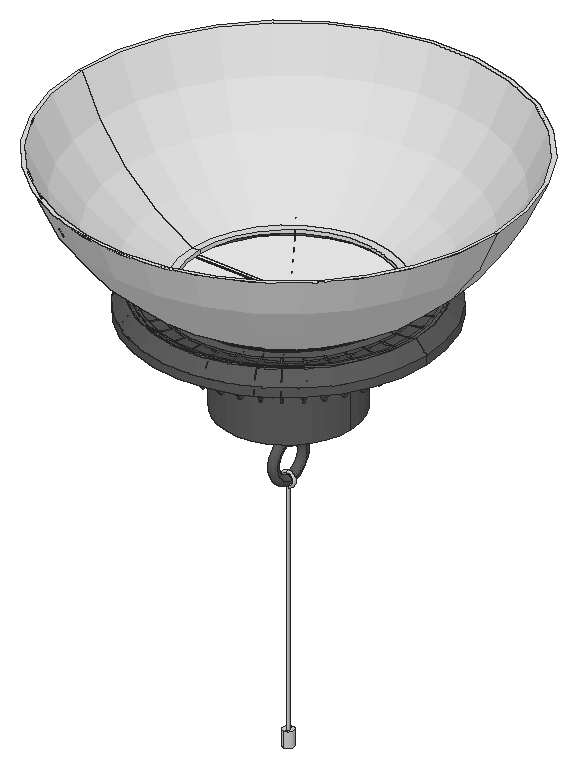
Revit family "0039362+0039356 Sylvania Lighting Fixture START HighBay IP65 DALI 13000lm 840 MB with ALU SHADE ALU COLOR FOR 13 19KLM pendant", category Lighting Fixtures, host Face, Revit 2017
Family settings
  Host = Face
  Round Connector Dimension = Use Diameter
  Part Type = Normal
  OmniClass Number = 23.80.70.00
  OmniClass Title = Lighting
  Cut with Voids When Loaded = No
  Light Source = Yes
  Shared = No
  Room Calculation Point = No
Parameters (values of type "0039362+0039356 START HighBay IP65 DALI 13000lm 840 MB with ALU SHADE ALU COLOR FOR 13/19KLM")
  WidthStraight_FEILO = if(SizeS_FEILO, 3 mm, if(SizeM_FEILO, 4 mm, 4.7 mm))  # 3 mm
  WidthRingChamfer_FEILO = if(SizeS_FEILO, 10.3 mm, if(SizeM_FEILO, 11.2 mm, 12.9 mm))  # 10.3 mm
  WidthCurved_FEILO = if(SizeS_FEILO, 17.4 mm, if(SizeM_FEILO, 16.4 mm, 26.2 mm))  # 17.4 mm
  WidthCurvedRing_FEILO = if(SizeS_FEILO, 3 mm, if(SizeM_FEILO, 4 mm, 4.7 mm))  # 3 mm
  WidthBracket_FEILO = 40 mm
  Weight = "3.0 kg"
  Wattage Comments = ""
  Wattage = 90 W
  WarrantyStartDate [instance] = "n/a"
  WarrantyGuarantorParts = "n/a"
  WarrantyDurationUnit = "n/a"
  WarrantyDurationParts = "n/a"
  WarrantyDescription = "n/a"
  built-in parameter 1150110 = 1 (stored number, unit not read)
  Voltage = 0 V
  VisibilityBracket_FEILO = no
  URL = "http://www.sylvania-lighting.com"
  TypeName = "START HighBay IP65 DALI 13000lm 840 MB with ALU SHADE ALU COLOR FOR 13/19KLM"
  Type Image = <None>
  Type Comments = "n/a"
  built-in parameter 1114217 = 1 (stored number, unit not read)
  Tilt Angle = -90.00°
  ThicknessWall_FEILO = 1.5 mm
  ThicknessBracket_FEILO = 1.5 mm
  ThicknessBracketHalf_FEILO = ThicknessBracket_FEILO / 2  # 0.75 mm
  built-in parameter 1150109 = 1 (stored number, unit not read)
  built-in parameter 1150134 = 12
  SuspensionHeight_FEILO [instance] = 400 mm
  built-in parameter 1150113 = 1 (stored number, unit not read)
  SizeS_FEILO = yes
  SizeM_FEILO = no
  ShadeThickness_FEILO = 3 mm
  ShadeSizeSM_FEILO = or(SizeS_FEILO, SizeM_FEILO)  # yes
  ShadeRadiusOut_FEILO = 205 mm
  ShadeRadiusIn_FEILO = if(ShadeSizeSM_FEILO, 95 mm, 121 mm)  # 95 mm
  ShadeRadiusBend_FEILO = if(ShadeSizeSM_FEILO, 210 mm, 210 mm)  # 210 mm
  ShadeHeight_FEILO = if(ShadeSizeSM_FEILO, 120 mm, 151 mm)  # 120 mm
  SerialNumber [instance] = "n/a"
  Rib4_FEILO = if(SizeS_FEILO, 18.1 mm, if(SizeM_FEILO, 13.6 mm, 14.6 mm))  # 18.1 mm
  Rib3_FEILO = if(SizeS_FEILO, 15.3 mm, if(SizeM_FEILO, 17.6 mm, 20.2 mm))  # 15.3 mm
  Rib2_FEILO = if(SizeS_FEILO, 3.6 mm, if(SizeM_FEILO, 3.9 mm, 4.5 mm))  # 3.6 mm
  Rib1_FEILO = if(SizeS_FEILO, 15.1 mm, if(SizeM_FEILO, 16.5 mm, 19 mm))  # 15.1 mm
  RadiusDiffuser_FEILO = if(SizeS_FEILO, 95.2 mm, if(SizeM_FEILO, 105.3 mm, 120 mm))  # 95.2 mm
  RadiusArrayPost_FEILO = DriverRadius_FEILO - 6 mm  # 55.4 mm
  RHRadius3_FEILO = if(SizeS_FEILO, 6.6 mm, if(SizeM_FEILO, 7.4 mm, 8.6 mm))  # 6.6 mm
  RHRadius2_FEILO = if(SizeS_FEILO, 11 mm, if(SizeM_FEILO, 12 mm, 14 mm))  # 11 mm
  RHRadius1_FEILO = if(SizeS_FEILO, 13.6 mm, if(SizeM_FEILO, 14.9 mm, 17.7 mm))  # 13.6 mm
  RHHeight4_FEILO = if(SizeS_FEILO, 7.3 mm, if(SizeM_FEILO, 8 mm, 9.2 mm))  # 7.3 mm
  RHHeight3_FEILO = if(SizeS_FEILO, 3.6 mm, if(SizeM_FEILO, 3.7 mm, 4.6 mm))  # 3.6 mm
  RHHeight2_FEILO = if(SizeS_FEILO, 2 mm, if(SizeM_FEILO, 2.2 mm, 2.6 mm))  # 2 mm
  RHHeight1_FEILO = if(SizeS_FEILO, 11.8 mm, if(SizeM_FEILO, 15.3 mm, 17.4 mm))  # 11.8 mm
  Photometric Web File = "0039362+0039356.ies"
  Material_5_FEILO = Shade-Sylvania-StartHighbay-Alu
  Material_3_FEILO = LED-Sylvania-StartHighbay-Glow
  PowerFactor = 0.95
  PowerConsumption = "90 W"
  NominalLength = 270 mm
  NominalHeight = 175 mm
  NominalDepth = 270 mm
  Name = "START HighBay IP65 DALI 13000lm 840 MB with ALU SHADE ALU COLOR FOR 13/19KLM"
  ModelReference = Name  # "START HighBay IP65 DALI 13000lm 840 MB with ALU SHADE ALU COLOR FOR 13/19KLM"
  ModelNumber = "0039362+0039356"
  Model = Name  # "START HighBay IP65 DALI 13000lm 840 MB with ALU SHADE ALU COLOR FOR 13/19KLM"
  Material = "aluminium alloy housing, polycarbonate diffuser"
  ManufacturerName = "Feilo Sylvania"
  Manufacturer = "Feilo Sylvania"
  LuminousEfficacy = "130 lm/W"
  built-in parameter 1150105 = 15901.2 (stored number, unit not read)
  Lumens = 11700 lm
  LuminaireType = ""
  built-in parameter 1150115 = 1 (stored number, unit not read)
  LightOutputRatio = "n/a"
  built-in parameter 1150137 = (empty or 0)
  built-in parameter 1150139 = (empty or 0)
  LampsType = Lamp  # "LED"
  LampNominalLuminous = "11700 lm"
  LampMacAdamStep = "6"
  LampColourTemperature = "4000 K"
  LampColourRenderingIndex = "80"
  built-in parameter 1150112 = 1 (stored number, unit not read)
  built-in parameter 1150114 = 1 (stored number, unit not read)
  Lamp = "LED"
  Keynote = "16500"
  InstallationDate [instance] = "n/a"
  InputVoltage = "n/a"
  InputNominalFrequency = "50/60 Hz"
  built-in parameter 1150132 = (empty or 0)
  built-in parameter 1150102 = (empty or 0)
  built-in parameter 1150107 = 4000 (stored number, unit not read)
  built-in parameter 1150138 = (empty or 0)
  IngressProtection = "IP65"
  ImpactProtectionIndex = "IK08"
  built-in parameter 1150106 = 159.01 (stored number, unit not read)
  IfcExportType = "IfcLightFixtureType"
  IfcExportAs = "IfcLightFixtureType"
  HeightRing_FEILO = if(SizeS_FEILO, 19.8 mm, if(SizeM_FEILO, 32 mm, 36.8 mm))  # 19.8 mm
  HeightRingChamfer_FEILO = if(SizeS_FEILO, 11.7 mm, if(SizeM_FEILO, 23.2 mm, 26.6 mm))  # 11.7 mm
  EyeThickness_FEILO = if(SizeS_FEILO, 8.4 mm, if(SizeM_FEILO, 9.2 mm, 10.5 mm))  # 8.4 mm
  EyeThicknessHalf_FEILO = EyeThickness_FEILO / 2  # 4.2 mm
  EyeInner_FEILO = if(SizeS_FEILO, 13.8 mm, if(SizeM_FEILO, 15.1 mm, 17.3 mm))  # 13.8 mm
  ExpectedLife = 50000
  Emit from Circle Diameter = RadiusDiffuser_FEILO * 2  # 190.4 mm
  Emit Shape Visible in Rendering = no
  ElectricShockClassification = "Class I"
  built-in parameter 1150104 = 12.077 (stored number, unit not read)
  DurationUnit = "hours"
  DriverVerticalStraight_FEILO = if(SizeS_FEILO, 46.5 mm, if(SizeM_FEILO, 49.7 mm, 57 mm))  # 46.5 mm
  DriverVerticalChamfer_FEILO = if(SizeS_FEILO, 7.5 mm, if(SizeM_FEILO, 8.2 mm, 9.5 mm))  # 7.5 mm
  DriverRadius_FEILO = if(SizeS_FEILO, 61.4 mm, if(SizeM_FEILO, 67.2 mm, 76.4 mm))  # 61.4 mm
  DriverRadiusTop_FEILO = if(SizeS_FEILO, 42 mm, if(SizeM_FEILO, 45.3 mm, 52.4 mm))  # 42 mm
  DriverBottom_FEILO = if(SizeS_FEILO, 56 mm, if(SizeM_FEILO, 64.5 mm, 74 mm))  # 56 mm
  DocumentationLiterature = "http://www.sylvania-lighting.com/product/en-int/products/0039362"
  DimmingControlOptions = "Dimmable"
  Material_2_FEILO = Diffuser-Sylvania-StartHighbay-Transparent
  Radius_FEILO = if(SizeS_FEILO, 135 mm, if(SizeM_FEILO, 148 mm, 169.5 mm))  # 135 mm
  Dimming Lamp Color Temperature Shift = <None>
  DiameterWire_FEILO = 3 mm
  DiameterWireSupport_FEILO = 10 mm
  Description = "START Highbay, includes 1 m cables, black aluminium housing, 11,700 Lm, 90 W, 130 Lm/W, 4000 K, drive current: 2000 mA, CRI 80, 60° beam angle, DALI dimmable, IP65, IK08, 50,000 hrs (L80/B50), (D x H) 270 x 175 mm."
  Default Elevation = 1219.2 mm
  CreatedOn = "5/15/2018"
  CreatedBy = ""
  Cost = 0
  Color Filter = 16777215
  built-in parameter 1114216 [instance] = (empty or 0)
  ClassificationValue = "EF_70_80"
  ClassificationName = "Uniclass2015"
  Material_1_FEILO = Body-Sylvania-StartHighbay-Black
  BarCode [instance] = "n/a"
  built-in parameter 1114218 = 1 (stored number, unit not read)
  built-in parameter 1150133 = 10 (stored number, unit not read)
  AssetType = "Fixed"
  AssetIdentifier [instance] = "n/a"
  Assembly Code = "D5020200"
  Apparent Load = 90 VA
  Material_4_FEILO = Shade-Sylvania-StartHighbay-Alu
Reference planes
  plane 1 "Center (Front/Back)": y = 0
  plane 2: z = 0
  plane 3 "Center (Left/Right)": x = 0
  plane 4: z = 400
  plane 5: x = -135
  plane 6: x = -124.7
  plane 7: z = 388.3
  plane 8: z = 380.2
  plane 9: x = -121.7
  plane 10: z = 397.375
  plane 11: x = -104.3
  plane 12: x = -95.2
  plane 13: x = -118.7
  plane 14: z = 398.375
  plane 15: z = 396.375
  plane 16: x = -92.2
  plane 17: z = 395.375
  plane 18: x = -133.5
  plane 19: x = -119.9
  plane 20: z = 376.6
  plane 21: x = -104.6
  plane 22: z = 358.5
  plane 23: x = -20
  plane 24: z = 344
  plane 25: x = -61.4
  plane 26: z = 297.5
  plane 27: x = -42
  plane 28: z = 290
  plane 29: x = -13.6
  plane 30: z = 278.2
  plane 31: z = 276.2
  plane 32: x = -11
  plane 33: z = 272.6
  plane 34: z = 265.3
  plane 35: x = -6.6
  plane 36: z = 251.5
  plane 37: z = 237.7
  plane 38: x = 4.2
  plane 39: x = -4.2
  plane 40: z = 229.3
  plane 41: z = 233.5
  plane 42: x = -129.1
  plane 43: x = -132.5
  plane 44: z = 378.7
  plane 45: x = -123.2
  plane 46: z = 320.75
  plane 47: y = -20
  plane 48: y = 20
  plane 49: x = 135
  plane 50: x = 124.7
  plane 51: x = 133.5
  plane 52: x = 129.1
  plane 53: x = 132.5
  plane 54: x = 123.2
  plane 55: z = 240.7
  plane 56: y = 1.5
  plane 57: y = -1.5
  plane 58: z = 239.2
  plane 59: z = 227.8
  plane 60: z = 226.3
  plane 61: y = -5
  plane 62: y = 5
  plane 63: z = 14
  plane 64: x = -205
  plane 65: z = 520
  plane 66: x = -95
  plane 67: x = -87
  plane 68: x = -202
  plane 69: z = 403
Forms (mm)
  Revolve 1, solid, material "Body-Sylvania-StartHighbay-Black" <- "Material_1_FEILO", detail levels medium+fine
    sketch origin (0, 0, 0) x (1, 0, 0) y (0, 0, 1)
      loop
        line (-135, 380.2) -> (-133.5, 380.2) -> (-133.5, 387.734) -> (-125.012, 397.375) -> (-118.7, 397.375) -> (-118.7, 399.16)
        arc (-118.7, 399.16) -> (-120.206, 399.56) -> (-121.7, 400) r 58.981
        line (-121.7, 400) -> (-124.241, 400)
        arc (-124.241, 400) -> (-124.657, 399.911) -> (-124.999, 399.66) r 1.015
        line (-124.999, 399.66) -> (-135, 388.3) -> (-135, 380.2)
      axis (0, 400) -> (0, 380.2)
    angle from 360 to 0
  Revolve 2, solid, material "Body-Sylvania-StartHighbay-Black" <- "Material_1_FEILO", detail levels medium+fine
    sketch origin (0, 0, 0) x (1, 0, 0) y (0, 0, 1)
      loop
        line (-104.3, 395.375) -> (-95.2, 395.375) -> (-95.2, 388.3) -> (0, 388.3) -> (0, 395.375) -> (-92.2, 395.375) -> (-92.2, 396.375) -> (-95.2, 396.375) -> (-95.2, 397.375) -> (-104.3, 397.375) -> (-104.3, 395.375)
      axis (0, 397.375) -> (0, 388.3)
    angle from 360 to 0
  Revolve 3, solid, material "Diffuser-Sylvania-StartHighbay-Transparent" <- "Material_2_FEILO", detail levels medium+fine
    sketch origin (0, 0, 0) x (1, 0, 0) y (0, 0, 1)
      loop
        line (-95.2, 396.375) -> (0, 396.375) -> (0, 398.375) -> (-95.2, 398.375) -> (-95.2, 396.375)
      axis (0, 398.375) -> (0, 396.375)
    angle from 360 to 0
  Revolve 4, solid, material "Body-Sylvania-StartHighbay-Black" <- "Material_1_FEILO"
    sketch origin (0, 0, 0) x (1, 0, 0) y (0, 0, 1)
      loop
        line (-61.4, 358.5) -> (-61.4, 297.5) -> (-42, 290) -> (-13.6, 290) -> (-13.6, 278.2) -> (-11, 276.2) -> (-11, 272.6) -> (-7.037, 266.026)
        arc (-7.037, 266.026) -> (-6.49, 265.494) -> (-5.753, 265.3) r 1.5
        line (-5.753, 265.3) -> (0, 265.3) -> (0, 358.5) -> (-61.4, 358.5)
      axis (0, 358.5) -> (0, 265.3)
    angle from 360 to 0
  Revolve 5, solid, material "Body-Sylvania-StartHighbay-Black" <- "Material_1_FEILO"
    sketch origin (0, 0, 0) x (1, 0, 0) y (0, 0, 1)
      loop
        circle (0, 233.5) r 4.2
      axis (4.2, 251.5) -> (-4.2, 251.5)
    angle from 360 to 0
  Extrusion 6, solid, material "Body-Sylvania-StartHighbay-Black" <- "Material_1_FEILO", visible <- "VisibilityBracket_FEILO"
    sketch origin (0, 0, 0) x (1, 0, 0) y (0, 0, 1)
      loop
        line (-132.5, 380.2) -> (-132.5, 378.7) -> (-125.45, 378.7)
        arc (-125.45, 378.7) -> (-124.92, 378.48) -> (-124.7, 377.95) r 0.75
        line (-124.7, 377.95) -> (-124.7, 320.75) -> (-123.2, 320.75) -> (-123.2, 378.7)
        arc (-123.2, 378.7) -> (-123.639, 379.761) -> (-124.7, 380.2) r 1.5
        line (-124.7, 380.2) -> (-132.5, 380.2)
      loop
        line (132.5, 380.2) -> (124.7, 380.2)
        arc (124.7, 380.2) -> (123.639, 379.761) -> (123.2, 378.7) r 1.5
        line (123.2, 378.7) -> (123.2, 320.75) -> (124.7, 320.75) -> (124.7, 377.95)
        arc (124.7, 377.95) -> (124.92, 378.48) -> (125.45, 378.7) r 0.75
        line (125.45, 378.7) -> (132.5, 378.7) -> (132.5, 380.2)
    from -20 to 20
  Extrusion 7, void
    sketch origin (0, 0, 0) x (0, 1, 0) y (0, 0, 1)
      loop
        arc (-10, 320.75) -> (-17.071, 323.679) -> (-20, 330.75) r 10
        line (-20, 330.75) -> (-25, 330.75) -> (-25, 315.75) -> (-10, 315.75) -> (-10, 320.75)
      loop
        line (10, 320.75) -> (10, 315.75) -> (25, 315.75) -> (25, 330.75) -> (20, 330.75)
        arc (20, 330.75) -> (17.071, 323.679) -> (10, 320.75) r 10
    from -124.7 to 124.7
  Revolve 8, solid, material "Body-Sylvania-StartHighbay-Black" <- "Material_1_FEILO", detail levels coarse
    sketch origin (0, 0, 0) x (1, 0, 0) y (0, 0, 1)
      loop
        line (0, 400) -> (-124.7, 400) -> (-135, 388.3) -> (-135, 380.2) -> (-119.9, 380.2) -> (-119.9, 376.6) -> (-104.6, 358.5) -> (0, 358.5) -> (0, 400)
      axis (0, 400) -> (0, 358.5)
    angle from 360 to 0
  Revolve 9, solid
    sketch origin (0, 0, 0) x (0, 1, 0) y (0, 0, 1)
      loop
        circle (0, 239.2) r 1.5
      axis (1.5, 233.5) -> (-1.5, 233.5)
    angle from 360 to 0
  Revolve 10, solid
    sketch origin (0, 0, 0) x (0, 1, 0) y (0, 0, 1)
      loop
        line (0, 0) -> (0, 227.8) -> (-1.5, 227.8) -> (-1.5, 14) -> (-5, 14) -> (-5, 0) -> (0, 0)
      axis (0, 0) -> (0, 227.8)
    angle from 360 to 0
  Revolve 11, solid, material "Shade-Sylvania-StartHighbay-Alu" <- "Material_4_FEILO"
    sketch origin (0, 0, 0) x (1, 0, 0) y (0, 0, 1)
      loop
        line (-95, 400) -> (-87, 400) -> (-87, 403) -> (-94.341, 403)
        arc (-94.341, 403) -> (-159.747, 450.78) -> (-201.81, 520) r 207
        line (-201.81, 520) -> (-205, 520)
        arc (-205, 520) -> (-162.101, 448.908) -> (-95, 400) r 210
      axis (0, 520) -> (0, 400)
    angle from 360 to 0
Cuts and joins
  Extrusion 7 cuts Extrusion 6
Lines and regions (mm)
  reference lines
    curve 1: line (-135, 0, 388.3) -> (-124.7, 0, 400)
    curve 2: line (-104.3, 0, 397.375) -> (0, 0, 397.375)
    curve 3: arc (-104.3, 0, 397.375) -> (-113.098, 0, 398.035) -> (-121.7, 0, 400) r 58.981
    curve 4: line (-124.7, 0, 400) -> (-121.7, 0, 400)
    curve 5: line (-125.012, 0, 397.375) -> (-133.5, 0, 387.734)
    curve 6: line (-119.9, 0, 376.6) -> (-104.6, 0, 358.5)
    curve 7: line (-11, 0, 272.6) -> (-6.6, 0, 265.3)
    curve 8: circle (0, 0, 233.5) r 4.2 normal (0, -1, 0)
    curve 9: arc (-95, 0, 400) -> (-162.101, 0, 448.908) -> (-205, 0, 520) r 210
Dimensions and locks
  "Radius_FEILO": plane 3 "Center (Left/Right)" to plane 5
  "WidthRingChamfer_FEILO": plane 6 to plane 5
  "WidthStraight_FEILO": plane 9 to plane 6
  "WidthCurvedRing_FEILO": plane 13 to plane 9
  locked: plane 10 to plane 15 at 1
  locked: plane 14 to plane 10 at 1
  locked: plane 4 to plane 10 at 2.625
  locked: plane 15 to plane 17 at 1
  "ThicknessWall_FEILO": plane 18 to plane 5
  "ThicknessWall_FEILO": curve 5 to curve 1
  "HeightRingChamfer_FEILO": plane 4 to plane 7
  "HeightRing_FEILO": plane 4 to plane 8
  "RadiusDiffuser_FEILO": plane 3 "Center (Left/Right)" to plane 12
  locked: plane 16 to plane 12 at 3
  "WidthCurved_FEILO": plane 11 to plane 9
  "SuspensionHeight_FEILO": plane 4 to plane 2
  "Rib1_FEILO": plane 19 to plane 5
  "Rib2_FEILO": plane 8 to plane 20
  "Rib3_FEILO": plane 21 to plane 19
  "Rib4_FEILO": plane 20 to plane 22
  locked: plane 3 "Center (Left/Right)" to plane 23 at 20
  "DriverBottom_FEILO": plane 4 to plane 24
  "DriverRadius_FEILO": plane 3 "Center (Left/Right)" to plane 25
  "DriverVerticalStraight_FEILO": plane 24 to plane 26
  "DriverRadiusTop_FEILO": plane 3 "Center (Left/Right)" to plane 27
  "DriverVerticalChamfer_FEILO": plane 26 to plane 28
  "RHRadius1_FEILO": plane 3 "Center (Left/Right)" to plane 29
  "RHHeight2_FEILO": plane 30 to plane 31
  "RHRadius2_FEILO": plane 3 "Center (Left/Right)" to plane 32
  "RHHeight3_FEILO": plane 31 to plane 33
  "RHHeight4_FEILO": plane 33 to plane 34
  "RHRadius3_FEILO": plane 3 "Center (Left/Right)" to plane 35
  "RHHeight1_FEILO": plane 28 to plane 30
  "EyeInner_FEILO": plane 34 to plane 36
  "EyeInner_FEILO": plane 36 to plane 37
  equal spacing: plane 38, plane 3 "Center (Left/Right)", plane 39
  "EyeThickness_FEILO": plane 38 to plane 39
  "EyeThickness_FEILO": plane 37 to plane 40
  equal spacing: plane 37, plane 41, plane 40
  equal spacing: plane 6, plane 42, plane 18
  "ThicknessBracket_FEILO": plane 45 to plane 6
  "ThicknessBracket_FEILO": plane 8 to plane 44
  locked: plane 43 to plane 18 at 1
  equal spacing: plane 24, plane 46, plane 26
  equal spacing: plane 47, plane 1 "Center (Front/Back)", plane 48
  "WidthBracket_FEILO": plane 47 to plane 48
  "WidthRingChamfer_FEILO": plane 50 to plane 49
  "ThicknessWall_FEILO": plane 51 to plane 49
  equal spacing: plane 50, plane 52, plane 51
  "ThicknessBracket_FEILO": plane 54 to plane 50
  locked: plane 53 to plane 51 at 1
  "Radius_FEILO": plane 49 to plane 3 "Center (Left/Right)"
  equal spacing: plane 57, imposter light, plane 56
  "DiameterWire_FEILO": plane 57 to plane 56
  "DiameterWire_FEILO": plane 37 to plane 55
  equal spacing: plane 37, plane 58, plane 55
  "DiameterWire_FEILO": plane 60 to plane 40
  equal spacing: plane 60, plane 59, plane 40
  equal spacing: plane 61, plane 1 "Center (Front/Back)", plane 62
  "DiameterWireSupport_FEILO": plane 61 to plane 62
  locked: plane 63 to plane 2 at 14
  "ShadeRadiusOut_FEILO": plane 3 "Center (Left/Right)" to plane 64
  "ShadeHeight_FEILO": plane 65 to plane 4
  "ShadeRadiusIn_FEILO": plane 3 "Center (Left/Right)" to plane 66
  locked: plane 67 to plane 66 at 8
  "ShadeThickness_FEILO": plane 69 to plane 4
  "ShadeThickness_FEILO": plane 68 to plane 64
  "EyeThicknessHalf_FEILO": radius of curve 8
  "ThicknessBracket_FEILO": radius of Extrusion 6 sketch curve  (x2)
  "ThicknessBracketHalf_FEILO": radius of Extrusion 6 sketch curve  (x2)
  "DiameterWire_FEILO": diameter of Revolve 9 sketch curve
  "ShadeRadiusBend_FEILO": radius of curve 9
  aligned and locked: plane 2 to host face
  aligned and locked: level to host face
  aligned and locked: plane 5 to curve 1
  aligned and locked: plane 6 to curve 1
  aligned and locked: plane 7 to curve 1
  aligned and locked: plane 10 to curve 2
  aligned and locked: plane 9 to curve 3
  aligned and locked: plane 4 to curve 3
  aligned and locked: plane 11 to curve 3
  aligned and locked: plane 4 to curve 4
  aligned and locked: plane 18 to curve 5
  aligned and locked: plane 10 to curve 5
  aligned and locked: Revolve 1 sketch curve to plane 3 "Center (Left/Right)"
  aligned and locked: Revolve 1 sketch curve to curve 3
  aligned and locked: Revolve 1 sketch curve to curve 1
  aligned and locked: plane 4 to Revolve 1 sketch curve
  aligned and locked: plane 9 to Revolve 1 sketch curve
  aligned and locked: Revolve 1 sketch curve to plane 13
  aligned and locked: Revolve 1 sketch curve to plane 10
  aligned and locked: plane 13 to Revolve 1 sketch curve
  aligned and locked: plane 10 to Revolve 1 sketch curve
  aligned and locked: Revolve 1 sketch curve to plane 18
  aligned and locked: Revolve 1 sketch curve to plane 8
  aligned and locked: plane 5 to Revolve 1 sketch curve  (x2)
  aligned and locked: Revolve 2 sketch curve to plane 3 "Center (Left/Right)"
  aligned and locked: plane 11 to Revolve 2 sketch curve
  aligned and locked: Revolve 2 sketch curve to curve 2
  aligned and locked: plane 15 to Revolve 2 sketch curve
  aligned and locked: Revolve 2 sketch curve to plane 16
  aligned and locked: plane 17 to Revolve 2 sketch curve  (x2)
  aligned and locked: Revolve 2 sketch curve to plane 12
  aligned and locked: plane 7 to Revolve 2 sketch curve
  aligned and locked: Revolve 3 sketch curve to plane 3 "Center (Left/Right)"
  aligned and locked: Revolve 3 sketch curve to plane 14
  aligned and locked: plane 3 "Center (Left/Right)" to Revolve 3 sketch curve
  aligned and locked: Revolve 3 sketch curve to plane 12
  aligned and locked: plane 15 to Revolve 3 sketch curve
  aligned and locked: Revolve 1 sketch curve to curve 5
  aligned and locked: plane 22 to curve 6
  aligned and locked: plane 21 to curve 6
  aligned and locked: plane 20 to curve 6
  aligned and locked: plane 19 to curve 6
  aligned and locked: plane 33 to curve 7
  aligned and locked: plane 32 to curve 7
  aligned and locked: plane 35 to curve 7
  aligned and locked: plane 34 to curve 7
  aligned and locked: Revolve 4 sketch curve to plane 3 "Center (Left/Right)"
  aligned and locked: Revolve 4 sketch curve to plane 25
  aligned and locked: plane 27 to Revolve 4 sketch curve
  aligned and locked: plane 28 to Revolve 4 sketch curve
  aligned and locked: plane 30 to Revolve 4 sketch curve
  aligned and locked: Revolve 4 sketch curve to plane 29
  aligned and locked: plane 31 to Revolve 4 sketch curve
  aligned and locked: Revolve 4 sketch curve to curve 7
  aligned and locked: Revolve 4 sketch curve to plane 32
  aligned and locked: plane 34 to Revolve 4 sketch curve
  aligned and locked: plane 3 "Center (Left/Right)" to Revolve 4 sketch curve
  aligned and locked: plane 3 "Center (Left/Right)" to curve 8
  aligned and locked: plane 41 to curve 8
  aligned and locked: Revolve 5 sketch curve to plane 36
  aligned and locked: Revolve 5 sketch curve to curve 8
  aligned and locked: plane 43 to Extrusion 6 sketch curve  (x2)
  aligned and locked: plane 8 to Extrusion 6 sketch curve  (x3)
  aligned and locked: Extrusion 6 sketch curve to plane 45
  aligned and locked: Extrusion 6 sketch curve to plane 46  (x2)
  aligned and locked: plane 6 to Extrusion 6 sketch curve
  aligned and locked: Extrusion 6 sketch curve to plane 44  (x2)
  aligned and locked: Extrusion 6 to plane 48
  aligned and locked: plane 47 to Extrusion 6
  aligned and locked: plane 53 to Extrusion 6 sketch curve
  aligned and locked: plane 50 to Extrusion 6 sketch curve
  aligned and locked: Extrusion 6 sketch curve to plane 54
  aligned and locked: Extrusion 7 sketch curve to Extrusion 7 sketch curve
  aligned and locked: Extrusion 7 to plane 6
  aligned and locked: Extrusion 7 to Extrusion 6
  aligned and locked: Revolve 4 sketch curve to plane 22
  aligned and locked: plane 23 to nested 1
  aligned and locked: plane 1 "Center (Front/Back)" to nested 1
  aligned and locked: Revolve 8 sketch curve to plane 3 "Center (Left/Right)"
  aligned and locked: Revolve 8 sketch curve to plane 4
  aligned and locked: plane 6 to Revolve 8 sketch curve
  aligned and locked: plane 4 to Revolve 8 sketch curve
  aligned and locked: plane 7 to Revolve 8 sketch curve
  aligned and locked: Revolve 8 sketch curve to plane 5
  aligned and locked: plane 8 to Revolve 8 sketch curve  (x2)
  aligned and locked: Revolve 8 sketch curve to plane 19
  aligned and locked: plane 20 to Revolve 8 sketch curve
  aligned and locked: plane 19 to Revolve 8 sketch curve
  aligned and locked: plane 21 to Revolve 8 sketch curve
  aligned and locked: plane 22 to Revolve 8 sketch curve  (x2)
  aligned and locked: Revolve 8 sketch curve to Revolve 8 sketch curve
  aligned and locked: imposter light to plane 4
  aligned and locked: plane 3 "Center (Left/Right)" to imposter light
  aligned and locked: imposter light to plane 1 "Center (Front/Back)"
  aligned and locked: Revolve 9 sketch curve to plane 41
  aligned and locked: Revolve 10 sketch curve to plane 1 "Center (Front/Back)"
  aligned and locked: plane 1 "Center (Front/Back)" to Revolve 10 sketch curve  (x2)
  aligned and locked: host face to Revolve 10 sketch curve
  aligned and locked: plane 63 to Revolve 10 sketch curve
  aligned and locked: Revolve 10 sketch curve to plane 61
  aligned and locked: Revolve 10 sketch curve to plane 57
  aligned and locked: plane 59 to Revolve 10 sketch curve
  aligned and locked: plane 64 to curve 9
  aligned and locked: plane 65 to curve 9
  aligned and locked: plane 66 to curve 9
  aligned and locked: plane 4 to curve 9
  aligned and locked: Revolve 11 sketch curve to curve 9
  aligned and locked: plane 67 to Revolve 11 sketch curve
  aligned and locked: plane 66 to Revolve 11 sketch curve
  aligned and locked: plane 65 to Revolve 11 sketch curve  (x2)
  aligned and locked: Revolve 11 sketch curve to plane 67
  aligned and locked: plane 69 to Revolve 11 sketch curve
Automatic sketch dimensions
  host sketch curve to host sketch curve = 2438.4 mm  (x2)
  Revolve 1 sketch curve to plane 6 = 0.299 mm
  plane 6 to Revolve 1 sketch curve = 0.459 mm
  Revolve 1 sketch curve to level = 609.6 mm
  Revolve 1 sketch curve to Revolve 1 sketch curve = 2312.223 mm
  Revolve 2 sketch curve to plane 12 = 0 mm
  Revolve 2 sketch curve to plane 3 "Center (Left/Right)" = 0 mm
  Revolve 2 sketch curve to level = 609.6 mm
  Revolve 2 sketch curve to plane 4 = 2339.058 mm
  Revolve 3 sketch curve to level = 609.6 mm
  Revolve 3 sketch curve to plane 4 = 2339.058 mm
  Revolve 5 sketch curve to plane 5 = 1080 mm
  plane 38 to Revolve 5 sketch curve = 1219.2 mm
  Extrusion 7 sketch curve to plane 47 = 0 mm
  plane 46 to Extrusion 7 sketch curve = 0 mm  (x2)
  Extrusion 7 sketch curve to plane 48 = 0 mm
  plane 47 to Extrusion 7 sketch curve = 5 mm
  plane 1 "Center (Front/Back)" to Extrusion 7 sketch curve = 10 mm
  Extrusion 7 sketch curve to Extrusion 7 sketch curve = 10 mm
  plane 46 to Extrusion 7 sketch curve = 5 mm
  Extrusion 7 sketch curve to Extrusion 7 sketch curve = 5 mm
  Extrusion 7 sketch curve to plane 48 = 5 mm
  Revolve 4 sketch curve to plane 26 = 0 mm
  Revolve 4 sketch curve to plane 35 = 0.437 mm
  plane 35 to Revolve 4 sketch curve = 0.847 mm
  Revolve 4 sketch curve to plane 34 = 0.726 mm
  plane 40 to Revolve 4 sketch curve = 590.2 mm
  Revolve 4 sketch curve to plane 4 = 2339.058 mm
  Revolve 8 sketch curve to level = 609.6 mm
  Revolve 8 sketch curve to Revolve 8 sketch curve = 2386.058 mm
  Revolve 9 sketch curve to plane 1 "Center (Front/Back)" = 0 mm
  plane 58 to Revolve 9 sketch curve = 0 mm
  plane 47 to Revolve 9 sketch curve = 2534.941 mm
  Revolve 9 sketch curve to plane 48 = 2077.409 mm
  Revolve 10 sketch curve to Revolve 10 sketch curve = 609.6 mm
  Revolve 10 sketch curve to plane 4 = 2123.807 mm
  curve 2 to plane 3 "Center (Left/Right)" = 0 mm
  Revolve 11 sketch curve to Revolve 11 sketch curve = 0 mm  (x2)
  Revolve 11 sketch curve to plane 3 "Center (Left/Right)" = 0 mm
  plane 66 to Revolve 11 sketch curve = 0.659 mm
  Revolve 11 sketch curve to level = 609.6 mm
  Revolve 11 sketch curve to Revolve 11 sketch curve = 2068.248 mm
Nested families
  nested 1: "Start Highbay Rib" at (0, 0, 397.375), type "Type Name", detail levels medium+fine
    with SuspensionHeight_FEILO 2.6 mm
  nested 2: "Start Highbay Rib" at (0, 0, 397.375) x (0.9877, 0.1564, 0) z (0, 0, 1), type "Type Name", detail levels medium+fine
    with SuspensionHeight_FEILO 2.6 mm
  nested 3: "Start Highbay Rib" at (0, 0, 397.375) x (0.9511, 0.309, 0) z (0, 0, 1), type "Type Name", detail levels medium+fine
    with SuspensionHeight_FEILO 2.6 mm
  nested 4: "Start Highbay Rib" at (0, 0, 397.375) x (0.891, 0.454, 0) z (0, 0, 1), type "Type Name", detail levels medium+fine
    with SuspensionHeight_FEILO 2.6 mm
  nested 5: "Start Highbay Rib" at (0, 0, 397.375) x (0.809, 0.5878, 0) z (0, 0, 1), type "Type Name", detail levels medium+fine
    with SuspensionHeight_FEILO 2.6 mm
  nested 6: "Start Highbay Rib" at (0, 0, 397.375) x (0.7071, 0.7071, 0) z (0, 0, 1), type "Type Name", detail levels medium+fine
    with SuspensionHeight_FEILO 2.6 mm
  nested 7: "Start Highbay Rib" at (0, 0, 397.375) x (0.5878, 0.809, 0) z (0, 0, 1), type "Type Name", detail levels medium+fine
    with SuspensionHeight_FEILO 2.6 mm
  nested 8: "Start Highbay Rib" at (0, 0, 397.375) x (0.454, 0.891, 0) z (0, 0, 1), type "Type Name", detail levels medium+fine
    with SuspensionHeight_FEILO 2.6 mm
  nested 9: "Start Highbay Rib" at (0, 0, 397.375) x (0.309, 0.9511, 0) z (0, 0, 1), type "Type Name", detail levels medium+fine
    with SuspensionHeight_FEILO 2.6 mm
  nested 10: "Start Highbay Rib" at (0, 0, 397.375) x (0.1564, 0.9877, 0) z (0, 0, 1), type "Type Name", detail levels medium+fine
    with SuspensionHeight_FEILO 2.6 mm
  nested 11: "Start Highbay Rib" at (0, 0, 397.375) x (0, 1, 0) z (0, 0, 1), type "Type Name", detail levels medium+fine
    with SuspensionHeight_FEILO 2.6 mm
  nested 12: "Start Highbay Rib" at (0, 0, 397.375) x (-0.1564, 0.9877, 0) z (0, 0, 1), type "Type Name", detail levels medium+fine
    with SuspensionHeight_FEILO 2.6 mm
  nested 13: "Start Highbay Rib" at (0, 0, 397.375) x (-0.309, 0.9511, 0) z (0, 0, 1), type "Type Name", detail levels medium+fine
    with SuspensionHeight_FEILO 2.6 mm
  nested 14: "Start Highbay Rib" at (0, 0, 397.375) x (-0.454, 0.891, 0) z (0, 0, 1), type "Type Name", detail levels medium+fine
    with SuspensionHeight_FEILO 2.6 mm
  nested 15: "Start Highbay Rib" at (0, 0, 397.375) x (-0.5878, 0.809, 0) z (0, 0, 1), type "Type Name", detail levels medium+fine
    with SuspensionHeight_FEILO 2.6 mm
  nested 16: "Start Highbay Rib" at (0, 0, 397.375) x (-0.7071, 0.7071, 0) z (0, 0, 1), type "Type Name", detail levels medium+fine
    with SuspensionHeight_FEILO 2.6 mm
  nested 17: "Start Highbay Rib" at (0, 0, 397.375) x (-0.809, 0.5878, 0) z (0, 0, 1), type "Type Name", detail levels medium+fine
    with SuspensionHeight_FEILO 2.6 mm
  nested 18: "Start Highbay Rib" at (0, 0, 397.375) x (-0.891, 0.454, 0) z (0, 0, 1), type "Type Name", detail levels medium+fine
    with SuspensionHeight_FEILO 2.6 mm
  nested 19: "Start Highbay Rib" at (0, 0, 397.375) x (-0.9511, 0.309, 0) z (0, 0, 1), type "Type Name", detail levels medium+fine
    with SuspensionHeight_FEILO 2.6 mm
  nested 20: "Start Highbay Rib" at (0, 0, 397.375) x (-0.9877, 0.1564, 0) z (0, 0, 1), type "Type Name", detail levels medium+fine
    with SuspensionHeight_FEILO 2.6 mm
  nested 21: "Start Highbay Rib" at (0, 0, 397.375) x (-1, 0, 0) z (0, 0, 1), type "Type Name", detail levels medium+fine
    with SuspensionHeight_FEILO 2.6 mm
  nested 22: "Start Highbay Rib" at (0, 0, 397.375) x (-0.9877, -0.1564, 0) z (0, 0, 1), type "Type Name", detail levels medium+fine
    with SuspensionHeight_FEILO 2.6 mm
  nested 23: "Start Highbay Rib" at (0, 0, 397.375) x (-0.9511, -0.309, 0) z (0, 0, 1), type "Type Name", detail levels medium+fine
    with SuspensionHeight_FEILO 2.6 mm
  nested 24: "Start Highbay Rib" at (0, 0, 397.375) x (-0.891, -0.454, 0) z (0, 0, 1), type "Type Name", detail levels medium+fine
    with SuspensionHeight_FEILO 2.6 mm
  nested 25: "Start Highbay Rib" at (0, 0, 397.375) x (-0.809, -0.5878, 0) z (0, 0, 1), type "Type Name", detail levels medium+fine
    with SuspensionHeight_FEILO 2.6 mm
  nested 26: "Start Highbay Rib" at (0, 0, 397.375) x (-0.7071, -0.7071, 0) z (0, 0, 1), type "Type Name", detail levels medium+fine
    with SuspensionHeight_FEILO 2.6 mm
  nested 27: "Start Highbay Rib" at (0, 0, 397.375) x (-0.5878, -0.809, 0) z (0, 0, 1), type "Type Name", detail levels medium+fine
    with SuspensionHeight_FEILO 2.6 mm
  nested 28: "Start Highbay Rib" at (0, 0, 397.375) x (-0.454, -0.891, 0) z (0, 0, 1), type "Type Name", detail levels medium+fine
    with SuspensionHeight_FEILO 2.6 mm
  nested 29: "Start Highbay Rib" at (0, 0, 397.375) x (-0.309, -0.9511, 0) z (0, 0, 1), type "Type Name", detail levels medium+fine
    with SuspensionHeight_FEILO 2.6 mm
  nested 30: "Start Highbay Rib" at (0, 0, 397.375) x (-0.1564, -0.9877, 0) z (0, 0, 1), type "Type Name", detail levels medium+fine
    with SuspensionHeight_FEILO 2.6 mm
  nested 31: "Start Highbay Rib" at (0, 0, 397.375) x (0, -1, 0) z (0, 0, 1), type "Type Name", detail levels medium+fine
    with SuspensionHeight_FEILO 2.6 mm
  nested 32: "Start Highbay Rib" at (0, 0, 397.375) x (0.1564, -0.9877, 0) z (0, 0, 1), type "Type Name", detail levels medium+fine
    with SuspensionHeight_FEILO 2.6 mm
  nested 33: "Start Highbay Rib" at (0, 0, 397.375) x (0.309, -0.9511, 0) z (0, 0, 1), type "Type Name", detail levels medium+fine
    with SuspensionHeight_FEILO 2.6 mm
  nested 34: "Start Highbay Rib" at (0, 0, 397.375) x (0.454, -0.891, 0) z (0, 0, 1), type "Type Name", detail levels medium+fine
    with SuspensionHeight_FEILO 2.6 mm
  nested 35: "Start Highbay Rib" at (0, 0, 397.375) x (0.5878, -0.809, 0) z (0, 0, 1), type "Type Name", detail levels medium+fine
    with SuspensionHeight_FEILO 2.6 mm
  nested 36: "Start Highbay Rib" at (0, 0, 397.375) x (0.7071, -0.7071, 0) z (0, 0, 1), type "Type Name", detail levels medium+fine
    with SuspensionHeight_FEILO 2.6 mm
  nested 37: "Start Highbay Rib" at (0, 0, 397.375) x (0.809, -0.5878, 0) z (0, 0, 1), type "Type Name", detail levels medium+fine
    with SuspensionHeight_FEILO 2.6 mm
  nested 38: "Start Highbay Rib" at (0, 0, 397.375) x (0.891, -0.454, 0) z (0, 0, 1), type "Type Name", detail levels medium+fine
    with SuspensionHeight_FEILO 2.6 mm
  nested 39: "Start Highbay Rib" at (0, 0, 397.375) x (0.9511, -0.309, 0) z (0, 0, 1), type "Type Name", detail levels medium+fine
    with SuspensionHeight_FEILO 2.6 mm
  nested 40: "Start Highbay Rib" at (0, 0, 397.375) x (0.9877, -0.1564, 0) z (0, 0, 1), type "Type Name", detail levels medium+fine
    with SuspensionHeight_FEILO 2.6 mm
Connectors
  electrical at (0, 0, 0), driven by "Apparent Load", driven by "PowerFactor", driven by "Voltage"
    settings: index 1, voltage 0 V, apparent load 90 VA, apparent load phase1 0 VA, apparent load phase2 0 VA, apparent load phase3 0 VA, power factor 0.95, load classification "Lighting", number of poles 1, system type 30, power factor state 1, is connector primary yes, connector utility no, sub classification motor no, connector description ""
Definition of nested family "Start Highbay Rib"
  Parameters (values of type "Type Name")
    WidthStraight_FEILO = if(SizeS_FEILO, 3 mm, if(SizeM_FEILO, 4 mm, 4.7 mm))  # 3 mm
    WidthRingChamfer_FEILO = if(SizeS_FEILO, 10.3 mm, if(SizeM_FEILO, 11.2 mm, 12.9 mm))  # 10.3 mm
    WidthCurved_FEILO = if(SizeS_FEILO, 17.4 mm, if(SizeM_FEILO, 16.4 mm, 26.2 mm))  # 17.4 mm
    WidthCurvedRing_FEILO = if(SizeS_FEILO, 3 mm, if(SizeM_FEILO, 4 mm, 4.7 mm))  # 3 mm
    WidthBracket_FEILO = 40 mm
    URL = "http://www.feilosylvania.com"
    Type Image = (empty or 0)
    Type Comments = "n/a"
    ThicknessWall_FEILO = 1.5 mm
    ThicknessBracket_FEILO = 1.5 mm
    ThicknessBracketHalf_FEILO = ThicknessBracket_FEILO / 2  # 0.75 mm
    SuspensionHeight_FEILO [instance] = 2.6 mm
    SizeS_FEILO = yes
    SizeM_FEILO = no
    Rib4_FEILO = if(SizeS_FEILO, 18.1 mm, if(SizeM_FEILO, 13.6 mm, 14.6 mm))  # 18.1 mm
    Rib3_FEILO = if(SizeS_FEILO, 15.3 mm, if(SizeM_FEILO, 17.6 mm, 20.2 mm))  # 15.3 mm
    Rib2_FEILO = if(SizeS_FEILO, 3.6 mm, if(SizeM_FEILO, 3.9 mm, 4.5 mm))  # 3.6 mm
    Rib1_FEILO = if(SizeS_FEILO, 15.1 mm, if(SizeM_FEILO, 16.5 mm, 19 mm))  # 15.1 mm
    RadiusRib_FEILO = 2 mm
    RadiusDiffuser_FEILO = if(SizeS_FEILO, 95.2 mm, if(SizeM_FEILO, 105.3 mm, 120 mm))  # 95.2 mm
    RHRadius3_FEILO = if(SizeS_FEILO, 6.6 mm, if(SizeM_FEILO, 7.4 mm, 8.6 mm))  # 6.6 mm
    RHRadius2_FEILO = if(SizeS_FEILO, 11 mm, if(SizeM_FEILO, 12 mm, 14 mm))  # 11 mm
    RHRadius1_FEILO = if(SizeS_FEILO, 13.6 mm, if(SizeM_FEILO, 14.9 mm, 17.7 mm))  # 13.6 mm
    RHHeight4_FEILO = if(SizeS_FEILO, 7.3 mm, if(SizeM_FEILO, 8 mm, 9.2 mm))  # 7.3 mm
    RHHeight3_FEILO = if(SizeS_FEILO, 3.6 mm, if(SizeM_FEILO, 3.7 mm, 4.6 mm))  # 3.6 mm
    RHHeight2_FEILO = if(SizeS_FEILO, 2 mm, if(SizeM_FEILO, 2.2 mm, 2.6 mm))  # 2 mm
    RHHeight1_FEILO = if(SizeS_FEILO, 11.8 mm, if(SizeM_FEILO, 15.3 mm, 17.4 mm))  # 11.8 mm
    Material_3_FEILO = none
    Model = ""
    Manufacturer = "Feilo Sylvania"
    Keynote = "16500"
    HeightRing_FEILO = if(SizeS_FEILO, 19.8 mm, if(SizeM_FEILO, 32 mm, 36.8 mm))  # 19.8 mm
    HeightRingChamfer_FEILO = if(SizeS_FEILO, 11.7 mm, if(SizeM_FEILO, 23.2 mm, 26.6 mm))  # 11.7 mm
    EyeThickness_FEILO = if(SizeS_FEILO, 8.4 mm, if(SizeM_FEILO, 9.2 mm, 10.5 mm))  # 8.4 mm
    EyeThicknessHalf_FEILO = EyeThickness_FEILO / 2  # 4.2 mm
    EyeInner_FEILO = if(SizeS_FEILO, 13.8 mm, if(SizeM_FEILO, 15.1 mm, 17.3 mm))  # 13.8 mm
    DriverVerticalStraight_FEILO = if(SizeS_FEILO, 46.5 mm, if(SizeM_FEILO, 49.7 mm, 57 mm))  # 46.5 mm
    DriverVerticalChamfer_FEILO = if(SizeS_FEILO, 7.5 mm, if(SizeM_FEILO, 8.2 mm, 9.5 mm))  # 7.5 mm
    DriverRadius_FEILO = if(SizeS_FEILO, 61.4 mm, if(SizeM_FEILO, 67.2 mm, 76.4 mm))  # 61.4 mm
    DriverRadiusTop_FEILO = if(SizeS_FEILO, 42 mm, if(SizeM_FEILO, 45.3 mm, 52.4 mm))  # 42 mm
    DriverBottom_FEILO = if(SizeS_FEILO, 56 mm, if(SizeM_FEILO, 64.5 mm, 74 mm))  # 56 mm
    Material_2_FEILO = none
    Radius_FEILO = if(SizeS_FEILO, 135 mm, if(SizeM_FEILO, 148 mm, 169.5 mm))  # 135 mm
    Description = ""
    Default Elevation = 1219.2 mm
    Cost = 0
    Material_1_FEILO = none
    Assembly Code = "D5020200"
    Material_4_FEILO = none
  Reference planes
    plane 1 "Center (Front/Back)": y = 0
    plane 2: z = 0
    plane 3 "Center (Left/Right)": x = 0
    plane 4: z = 2.6
    plane 5: x = -135
    plane 6: x = -124.7
    plane 7: z = -9.1
    plane 8: z = -17.2
    plane 9: x = -121.7
    plane 10: z = -0.025
    plane 11: x = -104.3
    plane 12: x = -95.2
    plane 13: x = -118.7
    plane 14: z = 0.975
    plane 15: z = -1.025
    plane 16: x = -92.2
    plane 17: z = -2.025
    plane 18: x = -133.5
    plane 19: x = -119.9
    plane 20: z = -20.8
    plane 21: x = -104.6
    plane 22: z = -38.9
    plane 23: x = -20
    plane 24: z = -53.4
    plane 25: x = -61.4
    plane 26: z = -99.9
    plane 27: x = -42
    plane 28: z = -107.4
    plane 29: x = -13.6
    plane 30: z = -119.2
    plane 31: z = -121.2
    plane 32: x = -11
    plane 33: z = -124.8
    plane 34: z = -132.1
    plane 35: x = -6.6
    plane 36: z = -145.9
    plane 37: z = -159.7
    plane 38: x = 4.2
    plane 39: x = -4.2
    plane 40: z = -168.1
    plane 41: z = -163.9
    plane 42: x = -129.1
    plane 43: x = -132.5
    plane 44: z = -18.7
    plane 45: x = -123.2
    plane 46: z = -76.65
    plane 47: y = -20
    plane 48: y = 20
    plane 49: x = 135
    plane 50: x = 124.7
    plane 51: x = 133.5
    plane 52: x = 129.1
    plane 53: x = 132.5
    plane 54: x = 123.2
    plane 55: y = 0.75
    plane 56: y = -0.75
  Forms (mm)
    Extrusion 1, solid
      sketch origin (4.2, 0, 0) x (1, 0, 0) y (0, 1, 0)
        loop
          line (-1219.2, 1219.2) -> (-1219.2, -1219.2) -> (1219.2, -1219.2) -> (1219.2, 1219.2) -> (-1219.2, 1219.2)
      from 0 to -68.017
    Extrusion 2, solid, material <- "Material_1_FEILO"
      sketch origin (0, 0, 0) x (1, 0, 0) y (0, 0, 1)
        loop
          arc (-104.3, -0.025) -> (-111.555, 0.423) -> (-118.7, 1.76) r 58.981
          line (-118.7, 1.76) -> (-118.7, -0.025) -> (-125.012, -0.025) -> (-133.5, -9.666) -> (-133.5, -17.2) -> (-119.9, -17.2) -> (-119.9, -20.068)
          arc (-119.9, -20.068) -> (-119.778, -20.755) -> (-119.427, -21.359) r 2
          line (-119.427, -21.359) -> (-104.966, -38.467)
          arc (-104.966, -38.467) -> (-104.381, -38.789) -> (-103.723, -38.9) r 2
          line (-103.723, -38.9) -> (-20, -38.9) -> (-20, -9.1) -> (-95.2, -9.1) -> (-95.2, -2.025) -> (-104.3, -2.025) -> (-104.3, -0.025)
      from -0.75 to 0.75
  Lines and regions (mm)
    reference lines
      curve 1: line (-135, 0, -9.1) -> (-124.7, 0, 2.6)
      curve 2: line (-104.3, 0, -0.025) -> (0, 0, -0.025)
      curve 3: arc (-104.3, 0, -0.025) -> (-113.098, 0, 0.635) -> (-121.7, 0, 2.6) r 58.981
      curve 4: line (-124.7, 0, 2.6) -> (-121.7, 0, 2.6)
      curve 5: line (-125.012, 0, -0.025) -> (-133.5, 0, -9.666)
      curve 6: line (-119.9, 0, -20.8) -> (-104.6, 0, -38.9)
  Dimensions and locks
    "Radius_FEILO": plane 3 "Center (Left/Right)" to plane 5
    "WidthRingChamfer_FEILO": plane 6 to plane 5
    "WidthStraight_FEILO": plane 9 to plane 6
    "WidthCurvedRing_FEILO": plane 13 to plane 9
    locked: plane 10 to plane 15 at 1
    locked: plane 14 to plane 10 at 1
    locked: plane 4 to plane 10 at 2.625
    locked: plane 15 to plane 17 at 1
    "ThicknessWall_FEILO": plane 18 to plane 5
    "ThicknessWall_FEILO": curve 5 to curve 1
    "HeightRingChamfer_FEILO": plane 4 to plane 7
    "HeightRing_FEILO": plane 4 to plane 8
    "RadiusDiffuser_FEILO": plane 3 "Center (Left/Right)" to plane 12
    locked: plane 16 to plane 12 at 3
    "WidthCurved_FEILO": plane 11 to plane 9
    "SuspensionHeight_FEILO": plane 4 to plane 2
    "Rib1_FEILO": plane 19 to plane 5
    "Rib2_FEILO": plane 8 to plane 20
    "Rib3_FEILO": plane 21 to plane 19
    "Rib4_FEILO": plane 20 to plane 22
    locked: plane 3 "Center (Left/Right)" to plane 23 at 20
    "DriverBottom_FEILO": plane 4 to plane 24
    "DriverRadius_FEILO": plane 3 "Center (Left/Right)" to plane 25
    "DriverVerticalStraight_FEILO": plane 24 to plane 26
    "DriverRadiusTop_FEILO": plane 3 "Center (Left/Right)" to plane 27
    "DriverVerticalChamfer_FEILO": plane 26 to plane 28
    "RHRadius1_FEILO": plane 3 "Center (Left/Right)" to plane 29
    "RHHeight2_FEILO": plane 30 to plane 31
    "RHRadius2_FEILO": plane 3 "Center (Left/Right)" to plane 32
    "RHHeight3_FEILO": plane 31 to plane 33
    "RHHeight4_FEILO": plane 33 to plane 34
    "RHRadius3_FEILO": plane 3 "Center (Left/Right)" to plane 35
    "RHHeight1_FEILO": plane 28 to plane 30
    "EyeInner_FEILO": plane 34 to plane 36
    "EyeInner_FEILO": plane 36 to plane 37
    equal spacing: plane 38, plane 3 "Center (Left/Right)", plane 39
    "EyeThickness_FEILO": plane 38 to plane 39
    "EyeThickness_FEILO": plane 37 to plane 40
    equal spacing: plane 37, plane 41, plane 40
    equal spacing: plane 6, plane 42, plane 18
    "ThicknessBracket_FEILO": plane 45 to plane 6
    "ThicknessBracket_FEILO": plane 8 to plane 44
    locked: plane 43 to plane 18 at 1
    equal spacing: plane 24, plane 46, plane 26
    equal spacing: plane 47, plane 1 "Center (Front/Back)", plane 48
    "WidthBracket_FEILO": plane 47 to plane 48
    "WidthRingChamfer_FEILO": plane 50 to plane 49
    "ThicknessWall_FEILO": plane 51 to plane 49
    equal spacing: plane 50, plane 52, plane 51
    "ThicknessBracket_FEILO": plane 54 to plane 50
    locked: plane 53 to plane 51 at 1
    "Radius_FEILO": plane 49 to plane 3 "Center (Left/Right)"
    equal spacing: plane 56, plane 1 "Center (Front/Back)", plane 55
    "ThicknessWall_FEILO": plane 56 to plane 55
    "RadiusRib_FEILO": radius of Extrusion 2 sketch curve  (x2)
    aligned and locked: plane 2 to Extrusion 1
    aligned and locked: level to Extrusion 1
    aligned and locked: plane 5 to curve 1
    aligned and locked: plane 6 to curve 1
    aligned and locked: plane 7 to curve 1
    aligned and locked: plane 10 to curve 2
    aligned and locked: plane 9 to curve 3
    aligned and locked: plane 4 to curve 3
    aligned and locked: plane 11 to curve 3
    aligned and locked: plane 4 to curve 4
    aligned and locked: plane 18 to curve 5
    aligned and locked: plane 10 to curve 5
    aligned and locked: plane 22 to curve 6
    aligned and locked: plane 21 to curve 6
    aligned and locked: plane 20 to curve 6
    aligned and locked: plane 19 to curve 6
    aligned and locked: Extrusion 2 sketch curve to plane 23
    aligned and locked: Extrusion 2 sketch curve to plane 22
    aligned and locked: Extrusion 2 sketch curve to curve 6
    aligned and locked: plane 19 to Extrusion 2 sketch curve
    aligned and locked: Extrusion 2 sketch curve to plane 8
    aligned and locked: Extrusion 2 sketch curve to curve 5
    aligned and locked: Extrusion 2 sketch curve to curve 3
    aligned and locked: Extrusion 2 to plane 55
    aligned and locked: plane 56 to Extrusion 2
    aligned and locked: curve 6 to Extrusion 2 sketch curve
  Automatic sketch dimensions
    Extrusion 1 sketch curve to Extrusion 1 sketch curve = 2438.4 mm  (x2)
    curve 2 to plane 3 "Center (Left/Right)" = 0 mm
    Extrusion 2 sketch curve to plane 18 = 0 mm
    Extrusion 2 sketch curve to plane 10 = 0 mm
    Extrusion 2 sketch curve to plane 13 = 0 mm
    Extrusion 2 sketch curve to plane 7 = 0 mm
    Extrusion 2 sketch curve to plane 12 = 0 mm
    Extrusion 2 sketch curve to plane 17 = 0 mm
    plane 19 to Extrusion 2 sketch curve = 0.473 mm
    Extrusion 2 sketch curve to plane 21 = 0.366 mm
